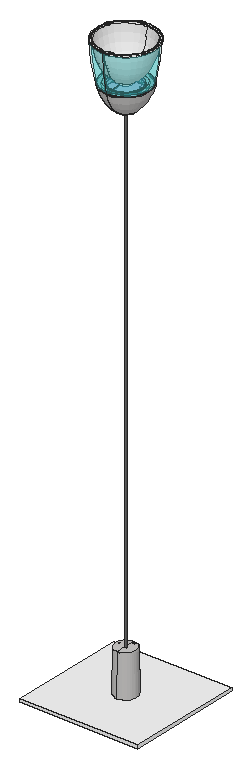
Revit family "BE_56565.2_de_DE", category Leuchten, Revit 2020
Family settings
  Basisbauteil = Fläche
  Bemaßung runder Anschluss = Durchmesser verwenden
  Teiletyp = Normal
  Beim Laden mit Abzugskörper schneiden = Ja
  Lichtquelle = Ja
  Gemeinsam genutzt = Nein
  Raumberechnungspunkt = Ja
Parameters (values of type "BEGA_56565.2_K3")
  built-in parameter 1150104 = 10.758 (stored number, unit not read)
  Wattage = 19 W
  Default Elevation = 0 mm
  built-in parameter 1150113 = 1 (stored number, unit not read)
  built-in parameter 1114218 = 1 (stored number, unit not read)
  Umgebungstemperatur = ""
  URL = "http://www.bega.de/de/produkt/56565.2"
  Typenkommentare = "© 2022 BEGA. Wir behalten uns das Recht vor, technische Änderungen ohne vorherige Ankündigung vorzunehmen."  # constant formula
  built-in parameter 1150134 = 12
  built-in parameter 1150109 = 1 (stored number, unit not read)
  Strom = ""
  built-in parameter 1150110 = 1 (stored number, unit not read)
  Spannung = 239.996 V
  Sonderanfertigung = no
  Seriennummer [instance] = "Hier können Sie die eindeutige Seriennummer für das Facility Management eintragen."
  Schutzklasse = "I"
  Schutzart = "IP 20"
  Scheinlast = 0 VA
  Produktdatenblatt = "http://www.bega.de/download/Xrfa/db/56565.2.db.de.pdf"
  Oberflächentemperatur = ""
  Neigungswinkel = 0.00°
  Model = "56565.2K4"
  Material_18 = BEGA_Gummi_schwarz
  Material_17 = BEGA_Reflektor
  Material_15 = BEGA_Leuchtmedium_matt
  Material_11 = BEGA_Glas_opal
  Material_10 = BEGA_Glas_matt
  Material_09 = BEGA_Glas_klar
  Material_06 = BEGA_Oberfläche_Edelstahl_gebürstet
  Material_05 = BEGA_Oberfläche_Aluminium Guss
  Material_03 = BEGA_Oberfläche_Weiss_matt
  Material_02 = BEGA_Oberfläche_Silber_matt
  Material_01 [instance] = BEGA_Oberfläche_Grafit_matt
  M_W = no
  M_G = no
  M_A = no
  Logo = 0
  built-in parameter 1114217 = 1 (stored number, unit not read)
  built-in parameter 1150139 = (empty or 0)
  built-in parameter 1150105 = 175.09 (stored number, unit not read)
  built-in parameter 1150114 = 1 (stored number, unit not read)
  Lumens = 2200.2 lm
  built-in parameter 1150115 = 1 (stored number, unit not read)
  Leuchtenlichtstrom = "1503 lm"
  Leuchtenanzahl = ""
  Lebensdauerkriterien = "L70B50 @ 25 °C = 500000 h"
  Lastklassifizierung = Beleuchtung
  built-in parameter 1150112 = 1 (stored number, unit not read)
  Lampenlichtstrom = "2200 lm"
  Lampe = "LED 13.5 W"
  LED_Modulbezeichnung = "LED-0328/940"
  Hersteller = "BEGA"  # constant formula
  Halbstreuwinkel = ""
  Gewicht = "2.5 kg"
  Gebrauchslageneinschränkung [instance] = ""
  Frequenz = "0/50-60 Hz"
  Farbwiedergabeindex = "CRI > 90"
  Farbtemperaturverschiebung bei Dämpfen der Lampe = <Keine Auswahl>
  Farbtemperatur = "4000 K"
  Color Filter = 16777215
  built-in parameter 1150133 = 10 (stored number, unit not read)
  Energieeffizienzklasse = "LED A++ - A"
  built-in parameter 1150137 = (empty or 0)
  built-in parameter 1150132 = (empty or 0)
  ENEC = "ja"
  Dimmbar [instance] = "DALI"
  Photometric Web File = "BE_56565.2K4.IES"
  CE_Konformität = "ja"
  Bestellnummer = "56565.2K4"
  Beschreibung_Sonderanfertigung = "Hier können Sie Informationen zur Sonderanfertigung eintragen."
  Beschreibung = "Pendelleuchte"
  built-in parameter 1150106 = 1.7509 (stored number, unit not read)
  Befestigungsbohrung = ""
  Befestigungsabstand = ""
  Ballwurfsicher = ""
  BEGA_Intern_aus = yes
  BEGA_Intern_an = yes
  BEGA_Intern_Konstruktion = yes
  BEGA_Intern = yes
  BEGA_IES = yes
  BEGA_Dummy = no
  Anschlussleitung = ""
  Anschlussleistung [instance] = "15.5 W"
  Anschlusskasten = ""
  built-in parameter 1150107 = 4000 (stored number, unit not read)
  built-in parameter 1150102 = (empty or 0)
  built-in parameter 1150138 = (empty or 0)
  Aktualisierung = "2019-07-09T04:00:12"
  Abstand_zur_angestrahlten_Fläche [instance] = ""
  AC/DC = "AC/DC"
Reference planes
  plane 1 "Mitte (Vorne/Hinten)": y = 0
  plane 2: z = 0
  plane 3 "Mitte (Links/Rechts)": x = 0
  plane 4 "Links": x = -98.7
  plane 5 "Rechts": x = 98.7
  plane 6 "Unten": y = -98.701
  plane 7 "Oben": y = 98.701
  plane 8 "Vorne": z = 2000
  plane 9 "Hinten": z = 0
Forms (mm)
  Extrusion 1, solid, material "BEGA_Platte_Weiss"
    sketch origin (0, -1119.2, 0) x (1, 0, 0) y (0, 1, 0)
      loop
        line (-200, 1319.2) -> (-200, 919.2) -> (200, 919.2) -> (200, 1319.2) -> (-200, 1319.2)
    from 0 to -10
  Extrusion 2, solid, material "BEGA_Dummy_matt", visible <- "BEGA_Dummy"
    sketch origin (77.149, -76.023, 0) x (1, 0, 0) y (0, 1, 0)
      loop
        circle (-77.149, 76.023) r 98.7
    from 0 to 2000
Dimensions and locks
  plane 1 "Mitte (Vorne/Hinten)" to Extrusion 1 = 200 mm
  aligned and locked: plane 2 to Extrusion 1
  aligned and locked: level to Extrusion 1
Nested families
  nested 1: "BE_56565.2" at (0, 0, 0), type "BE_56565.2"
Connectors
  electrical at (0, 0, 0), driven by "Lastklassifizierung", driven by "Spannung", driven by "Scheinlast"
    settings: index 1, voltage 239.996 V, apparent load 0 VA, apparent load phase1 0 VA, apparent load phase2 0 VA, apparent load phase3 0 VA, power factor 1, load classification "Beleuchtung", number of poles 1, system type 31, power factor state 1, is connector primary yes, connector utility no, sub classification motor no, connector description ""
Definition of nested family "BE_56565.2"
  Parameters (values of type "BE_56565.2")
    Default Elevation = 1 mm
    URL = "http://www.bega.de/de/produkt"
    Type Comments = "© 2015 BEGA. Wir behalten uns das Recht vor, technische Änderungen ohne vorherige Ankündigung vorzunehmen. "  # constant formula
    Type Image = (empty or 0)
    Neigungswinkel_um_Z2 = 0.00°
    Neigungswinkel_um_Z1 = 0.00°
    Neigungswinkel_um_Y2 = 0.00°
    Neigungswinkel_um_Y1 = 0.00°
    Neigungswinkel_um_X2 = 0.00°
    Neigungswinkel_um_X1 = 0.00°
    Material_18 = none
    Material_17 = none
    Material_15 = none
    Material_11 = none
    Material_10 = none
    Material_09 = none
    Material_06 = none
    Material_05 = none
    Material_03 = none
    Material_02 = none
    Material_01 = none
    M_W = yes
    M_G = yes
    M_A = yes
    Länge_Platte = 300 mm  # constant formula
    Höhe_Platte = -10 mm  # constant formula
    Manufacturer = "BEGA"  # constant formula
    Drehwinkel_um_Z2 = 0.00°
    Drehwinkel_um_Z1 = 0.00°
    Breite_Platte = 300 mm  # constant formula
  Reference planes
    plane 1 "Mitte (Oben/Unten)": y = 0
    plane 2: z = 0
    plane 3 "Mitte (Links/Rechts)": x = 0
    plane 4: y = 98.701
    plane 5: z = 2000
    plane 6: y = -98.701
    plane 7: x = -98.7
    plane 8: x = 98.7
  Forms (mm)
    Extrusion 1, solid, detail levels medium
      sketch origin (0, 0, 0) x (1, 0, 0) y (0, 1, 0)
        loop
          line (-150, 150) -> (-150, -150) -> (150, -150) -> (150, 150) -> (-150, 150)
      from 0 to -10 <- "Höhe_Platte"
    Revolve 2, solid, material <- "Material_06", detail levels medium+fine
      sketch origin (0, 0, 0) x (0, 1, 0) y (0, 0, 1)
        loop
          line (-36.248, 0.5) -> (-34, 0.5) -> (-34, 2.676) -> (-32.481, 2.729) -> (-31.3, 138.025)
          arc (-31.3, 138.025) -> (-30.705, 139.423) -> (-29.3, 140) r 2
          line (-29.3, 140) -> (0, 140) -> (0, 143.501)
          arc (0, 143.501) -> (-17.512, 143.245) -> (-35.009, 142.479) r 600
          line (-35.009, 142.479) -> (-36.248, 0.5)
        axis (0, 0.5) -> (0, 143.501)
      angle from 0 to 360
    Revolve 3, solid, material <- "Material_05", detail levels medium+fine
      sketch origin (0, 0, 0) x (0, 1, 0) y (0, 0, 1)
        loop
          line (-32.14, 2) -> (-32.175, 1) -> (-33.765, 1) -> (-33.8, 0) -> (0, 0) -> (0, 2) -> (-32.14, 2)
        axis (0, 0) -> (0, 2)
      angle from 0 to 360
    Extrusion 4, void
      sketch origin (0, 0, 0) x (1, 0, 0) y (0, 1, 0)
        loop
          arc (-9.887, 12.652) -> (-16.053, -0.003) -> (-9.876, -12.652) r 16.053
          line (-9.876, -12.652) -> (9.484, -12.652)
          arc (9.484, -12.652) -> (15.815, -0.003) -> (9.495, 12.652) r 15.815
          line (9.495, 12.652) -> (-9.887, 12.652)
        loop
          circle (-0.016, 25) r 2.25
        loop
          circle (-0.016, -25) r 2.25
      from 0 to 3.541
    Revolve 5, solid, material <- "Material_03", detail levels medium+fine
      sketch origin (0, 0, 0) x (0, 1, 0) y (0, 0, 1)
        loop
          line (-90.72, 2000.004) -> (-97.699, 2000.004)
          arc (-97.699, 2000.004) -> (-98.408, 1999.71) -> (-98.701, 1999.002) r 1.002
          line (-98.701, 1999.002) -> (-98.701, 1997) -> (-97.7, 1997) -> (-97.614, 1999) -> (-90.721, 1999)
          spline (-90.721, 1999) -> (-89.535, 1984.896) -> (-87.434, 1971.047) -> (-84.441, 1957.596) -> (-80.582, 1944.682) -> (-75.892, 1932.438) -> (-70.424, 1920.981) -> (-64.234, 1910.431) -> (-57.378, 1900.901) -> (-49.924, 1892.488) -> (-41.947, 1885.28) -> (-33.527, 1879.353) -> (-24.75, 1874.77)
          line (-24.75, 1874.77) -> (-24.75, 1869.5) -> (-23.753, 1869.5) -> (-23.753, 1874.786)
          arc (-23.753, 1874.786) -> (-23.92, 1875.336) -> (-24.363, 1875.702) r 0.997
          spline (-24.363, 1875.702) -> (-33.016, 1880.219) -> (-41.329, 1886.071) -> (-49.216, 1893.198) -> (-56.598, 1901.528) -> (-63.396, 1910.973) -> (-69.543, 1921.438) -> (-74.973, 1932.814) -> (-79.633, 1944.984) -> (-83.472, 1957.823) -> (-86.453, 1971.199) -> (-88.544, 1984.974) -> (-89.723, 1999.007)
          arc (-89.723, 1999.007) -> (-90.015, 1999.712) -> (-90.72, 2000.004) r 0.996
        axis (0, 1869.5) -> (0, 2000.004)
      angle from 0 to 360
    Revolve 6, solid, material <- "Material_09", detail levels medium+fine
      sketch origin (0, 0, 0) x (0, 1, 0) y (0, 0, 1)
        loop
          arc (-97.614, 1999) -> (-92.825, 1931.295) -> (-80.779, 1864.497) r 629.936
          arc (-80.779, 1864.497) -> (-80.433, 1863.938) -> (-79.821, 1863.698) r 1.04
          line (-79.821, 1863.698) -> (-65.895, 1862.968) -> (-61, 1837.468) -> (-56.5, 1837.468) -> (-56.5, 1860.345)
          arc (-56.5, 1860.345) -> (-58.424, 1865.16) -> (-63.134, 1867.33) r 7
          line (-63.134, 1867.33) -> (-77.199, 1868.067)
          arc (-77.199, 1868.067) -> (-88.717, 1933.108) -> (-93.313, 1999) r 625.636
          line (-93.313, 1999) -> (-97.614, 1999)
        axis (0, 1837.468) -> (0, 1999)
      angle from 0 to 360
    Revolve 7, solid, material <- "Material_06", detail levels medium+fine
      sketch origin (0, 0, 0) x (0, 1, 0) y (0, 0, 1)
        loop
          line (0.025, 1775.9) -> (0.025, 1779.75)
          arc (0.025, 1779.75) -> (-21.17, 1783.699) -> (-39.04, 1795.761) r 53.013
          arc (-39.04, 1795.761) -> (-62.198, 1826.889) -> (-76.386, 1863) r 146.692
          line (-76.386, 1863) -> (-80.4, 1863)
          arc (-80.4, 1863) -> (-65.84, 1825.416) -> (-41.834, 1793.04) r 150.592
          arc (-41.834, 1793.04) -> (-24.398, 1780.841) -> (-3.7, 1775.9) r 56.913
          line (-3.7, 1775.9) -> (0.025, 1775.9)
        axis (0.025, 1775.9) -> (0.025, 1863)
      angle from 0 to 360
    Revolve 8, solid, material <- "Material_18", detail levels medium+fine
      sketch origin (0, 0, 0) x (0, 1, 0) y (0, 0, 1)
        loop
          line (-2.51, 118.995) -> (0, 118.995) -> (0, 1796.8) -> (-2.51, 1796.8) -> (-2.51, 118.995)
        axis (0, 1796.8) -> (0, 118.995)
      angle from 0 to 360
    Revolve 9, solid, material <- "Material_10", detail levels medium+fine
      sketch origin (0, 0, 0) x (0, 1, 0) y (0, 0, 1)
        loop
          line (0, 1869.794) -> (0, 1883.794)
          arc (0, 1883.794) -> (-11.444, 1882.094) -> (-21.9, 1877.14) r 39.364
          arc (-21.9, 1877.14) -> (-22.828, 1876.132) -> (-23.211, 1874.815) r 3
          line (-23.211, 1874.815) -> (-23.5, 1869.296) -> (-54.054, 1865.002) -> (-54.472, 1857.03)
          arc (-54.472, 1857.03) -> (-54.337, 1856.657) -> (-53.973, 1856.5) r 0.5
          line (-53.973, 1856.5) -> (-50.494, 1856.5) -> (-50.232, 1861.5) -> (-20.486, 1865.681)
          arc (-20.486, 1865.681) -> (-19.892, 1865.998) -> (-19.635, 1866.621) r 1
          line (-19.635, 1866.621) -> (-19.468, 1869.794) -> (0, 1869.794)
        axis (0, 1883.794) -> (0, 1856.5)
      angle from 0 to 360
  Cuts and joins
    Extrusion 4 cuts Revolve 3
  Dimensions and locks
    equal spacing: Extrusion 1 sketch curve, plane 3 "Mitte (Links/Rechts)", Extrusion 1 sketch curve
    equal spacing: Extrusion 1 sketch curve, plane 1 "Mitte (Oben/Unten)", Extrusion 1 sketch curve
    "Länge_Platte": Extrusion 1 sketch curve to Extrusion 1 sketch curve
    "Breite_Platte": Extrusion 1 sketch curve to Extrusion 1 sketch curve
    aligned and locked: Extrusion 1 to plane 2
    aligned and locked: level to Extrusion 1
  Automatic sketch dimensions
    Revolve 3 sketch curve to plane 1 "Mitte (Oben/Unten)" = 0 mm  (x2)
    Revolve 3 sketch curve to level = 0 mm  (x2)
    plane 1 "Mitte (Oben/Unten)" to Revolve 3 sketch curve = 32.14 mm
    Revolve 3 sketch curve to Revolve 3 sketch curve = 2.125 mm
    Revolve 3 sketch curve to Revolve 3 sketch curve = 0.035 mm  (x2)
    Revolve 3 sketch curve to Revolve 3 sketch curve = 1.59 mm
    level to Revolve 3 sketch curve = 1 mm
    Revolve 3 sketch curve to Revolve 3 sketch curve = 2 mm
    Extrusion 4 sketch curve to Extrusion 4 sketch curve = 0 mm  (x2)
    Extrusion 4 sketch curve to plane 3 "Mitte (Links/Rechts)" = 0 mm
    Extrusion 4 sketch curve to plane 3 "Mitte (Links/Rechts)" = 0.016 mm  (x2)
    Extrusion 4 sketch curve to plane 3 "Mitte (Links/Rechts)" = 9.876 mm
    Extrusion 4 sketch curve to plane 3 "Mitte (Links/Rechts)" = 9.887 mm
    plane 3 "Mitte (Links/Rechts)" to Extrusion 4 sketch curve = 9.484 mm
    plane 1 "Mitte (Oben/Unten)" to Extrusion 4 sketch curve = 25 mm
    Extrusion 4 sketch curve to plane 1 "Mitte (Oben/Unten)" = 0.004 mm
    Extrusion 4 sketch curve to Extrusion 4 sketch curve = 12.348 mm
    plane 1 "Mitte (Oben/Unten)" to Extrusion 4 sketch curve = 12.652 mm
    Revolve 2 sketch curve to plane 1 "Mitte (Oben/Unten)" = 0 mm  (x2)
    plane 1 "Mitte (Oben/Unten)" to Revolve 2 sketch curve = 29.3 mm
    Revolve 2 sketch curve to Revolve 2 sketch curve = 2 mm
    level to Revolve 2 sketch curve = 2.729 mm
    plane 1 "Mitte (Oben/Unten)" to Revolve 2 sketch curve = 32.481 mm
    Revolve 2 sketch curve to Revolve 2 sketch curve = 1.52 mm
    Revolve 2 sketch curve to Revolve 2 sketch curve = 3.709 mm
    level to Revolve 2 sketch curve = 0.5 mm
    Revolve 2 sketch curve to Revolve 2 sketch curve = 2.248 mm
    Revolve 2 sketch curve to level = 456.499 mm
    Revolve 2 sketch curve to Revolve 2 sketch curve = 0.053 mm
    Revolve 2 sketch curve to Revolve 2 sketch curve = 135.271 mm
    Revolve 2 sketch curve to Revolve 2 sketch curve = 0.025 mm
    Revolve 2 sketch curve to Revolve 2 sketch curve = 0 mm  (x4)
    Revolve 2 sketch curve to Revolve 2 sketch curve = 4.454 mm
    Revolve 2 sketch curve to Revolve 2 sketch curve = 46.562 mm
    plane 1 "Mitte (Oben/Unten)" to Revolve 7 sketch curve = 1.065 mm
    plane 1 "Mitte (Oben/Unten)" to Revolve 7 sketch curve = 3.7 mm
    Revolve 7 sketch curve to Revolve 7 sketch curve = 0 mm  (x8)
    Revolve 7 sketch curve to plane 1 "Mitte (Oben/Unten)" = 0.025 mm  (x2)
    Revolve 7 sketch curve to Revolve 7 sketch curve = 3.85 mm  (x2)
    Revolve 7 sketch curve to Revolve 7 sketch curve = 2.794 mm  (x2)
    Revolve 7 sketch curve to Revolve 7 sketch curve = 4.014 mm
    Revolve 7 sketch curve to Revolve 7 sketch curve = 2.721 mm
    Revolve 6 sketch curve to Revolve 6 sketch curve = 0 mm  (x6)
    Revolve 6 sketch curve to plane 1 "Mitte (Oben/Unten)" = 0 mm
    Revolve 6 sketch curve to Revolve 6 sketch curve = 4.5 mm
    Revolve 6 sketch curve to Revolve 6 sketch curve = 7 mm
    Revolve 6 sketch curve to Revolve 6 sketch curve = 2.395 mm
    Revolve 6 sketch curve to Revolve 6 sketch curve = 2.568 mm
    Revolve 6 sketch curve to Revolve 6 sketch curve = 0.054 mm
    Revolve 6 sketch curve to Revolve 6 sketch curve = 4.301 mm
    Revolve 6 sketch curve to Revolve 6 sketch curve = 22.871 mm
    Revolve 6 sketch curve to Revolve 6 sketch curve = 0.005 mm
    Revolve 6 sketch curve to Revolve 6 sketch curve = 2.629 mm
    Revolve 6 sketch curve to Revolve 6 sketch curve = 0.73 mm
    Revolve 6 sketch curve to Revolve 6 sketch curve = 1.039 mm
    Revolve 6 sketch curve to Revolve 6 sketch curve = 3.33 mm
    Revolve 6 sketch curve to Revolve 6 sketch curve = 130.933 mm
    Revolve 6 sketch curve to Revolve 6 sketch curve = 2.762 mm
    Revolve 6 sketch curve to Revolve 6 sketch curve = 4.538 mm
    Revolve 6 sketch curve to Revolve 6 sketch curve = 60 mm
    Revolve 5 sketch curve to plane 1 "Mitte (Oben/Unten)" = 0 mm
    plane 1 "Mitte (Oben/Unten)" to Revolve 5 sketch curve = 23.753 mm
    Revolve 5 sketch curve to Revolve 5 sketch curve = 0.997 mm  (x2)
    Revolve 5 sketch curve to Revolve 5 sketch curve = 0.001 mm  (x2)
    Revolve 5 sketch curve to Revolve 5 sketch curve = 6.893 mm
    Revolve 5 sketch curve to Revolve 5 sketch curve = 0.086 mm
    Revolve 5 sketch curve to Revolve 5 sketch curve = 1.001 mm
    Revolve 5 sketch curve to Revolve 5 sketch curve = 5.27 mm
    Revolve 5 sketch curve to Revolve 5 sketch curve = 0.013 mm
    Revolve 5 sketch curve to Revolve 5 sketch curve = 0.003 mm
    Revolve 5 sketch curve to Revolve 5 sketch curve = 122.217 mm
    Revolve 5 sketch curve to Revolve 5 sketch curve = 2 mm
    Revolve 5 sketch curve to Revolve 5 sketch curve = 0.002 mm
    Revolve 5 sketch curve to Revolve 5 sketch curve = 0.007 mm
    plane 1 "Mitte (Oben/Unten)" to Revolve 5 sketch curve = 0 mm
    Revolve 5 sketch curve to Revolve 5 sketch curve = 0.387 mm
    Revolve 5 sketch curve to Revolve 5 sketch curve = 19.011 mm
    Revolve 5 sketch curve to Revolve 5 sketch curve = 41.039 mm
    Revolve 5 sketch curve to Revolve 5 sketch curve = 10.984 mm
    Revolve 9 sketch curve to plane 1 "Mitte (Oben/Unten)" = 0 mm  (x2)
    plane 1 "Mitte (Oben/Unten)" to Revolve 9 sketch curve = 0.001 mm
    plane 1 "Mitte (Oben/Unten)" to Revolve 9 sketch curve = 19.468 mm
    Revolve 9 sketch curve to Revolve 9 sketch curve = 0.166 mm
    Revolve 9 sketch curve to Revolve 9 sketch curve = 0.746 mm
    Revolve 9 sketch curve to Revolve 9 sketch curve = 0.852 mm
    Revolve 9 sketch curve to Revolve 9 sketch curve = 0.147 mm
    Revolve 9 sketch curve to Revolve 9 sketch curve = 2.866 mm
    Revolve 9 sketch curve to Revolve 9 sketch curve = 0.262 mm
    Revolve 9 sketch curve to Revolve 9 sketch curve = 3.479 mm
    Revolve 9 sketch curve to Revolve 9 sketch curve = 3.822 mm
    Revolve 9 sketch curve to Revolve 9 sketch curve = 0.499 mm
    Revolve 9 sketch curve to Revolve 9 sketch curve = 12.07 mm
    Revolve 9 sketch curve to Revolve 9 sketch curve = 0.5 mm
    Revolve 9 sketch curve to Revolve 9 sketch curve = 5 mm
    Revolve 9 sketch curve to Revolve 9 sketch curve = 3.502 mm
    Revolve 9 sketch curve to Revolve 9 sketch curve = 21.25 mm
    Revolve 9 sketch curve to Revolve 9 sketch curve = 0.941 mm
    Revolve 9 sketch curve to Revolve 9 sketch curve = 2.627 mm
    Revolve 9 sketch curve to Revolve 9 sketch curve = 3.173 mm
    Revolve 9 sketch curve to Revolve 9 sketch curve = 4.864 mm
    Revolve 9 sketch curve to Revolve 9 sketch curve = 14 mm
    Revolve 9 sketch curve to Revolve 9 sketch curve = 1.685 mm
    Revolve 9 sketch curve to Revolve 9 sketch curve = 1.311 mm
    Revolve 9 sketch curve to Revolve 9 sketch curve = 0 mm  (x3)
    Revolve 9 sketch curve to Revolve 9 sketch curve = 4.35 mm
    Revolve 8 sketch curve to plane 1 "Mitte (Oben/Unten)" = 0 mm  (x2)
    Revolve 8 sketch curve to Revolve 8 sketch curve = 2.51 mm
    level to Revolve 8 sketch curve = 118.995 mm
    Revolve 8 sketch curve to Revolve 8 sketch curve = 50 mm
    plane 1 "Mitte (Oben/Unten)" to Revolve 5 sketch curve = 90.72 mm
    plane 1 "Mitte (Oben/Unten)" to Revolve 6 sketch curve = 56.5 mm
    Revolve 6 sketch curve to Revolve 6 sketch curve = 11.304 mm
    plane 1 "Mitte (Oben/Unten)" to Revolve 6 sketch curve = 93.313 mm
    plane 1 "Mitte (Oben/Unten)" to Revolve 7 sketch curve = 76.386 mm
    Revolve 9 sketch curve to Revolve 9 sketch curve = 26.732 mm
    plane 5 to Revolve 5 sketch curve = 130.5 mm
    Revolve 6 sketch curve to plane 5 = 9.529 mm
    Revolve 6 sketch curve to plane 4 = 433.533 mm
    plane 5 to Revolve 7 sketch curve = 224.1 mm
    plane 5 to Revolve 8 sketch curve = 203.2 mm
    Revolve 8 sketch curve to Revolve 8 sketch curve = 502.805 mm
    plane 5 to Revolve 9 sketch curve = 155.57 mm
    radius of Extrusion 4 sketch curve = 2.25 mm  (x2)
